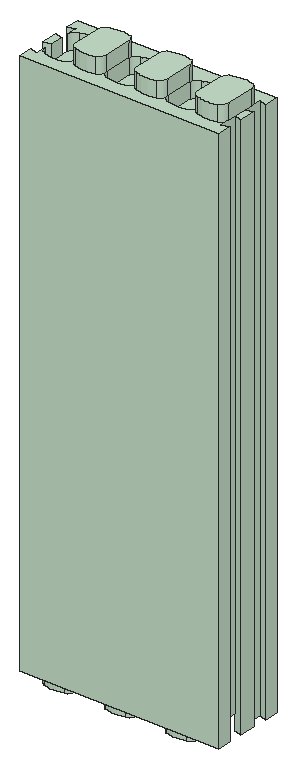
Revit family
Parameters (values of type "6-inch End Cap")
  URL = "www.nudura.com"
  Model = "6-inch End Cap"
  Manufacturer = "NUDURA Corporation"
Reference planes (in)
  plane 1 "Center (Front/Back)": y = 0
  plane 2: z = 0
  plane 3 "Center (Left/Right)": x = 0
  plane 4: x = 6.5
  plane 5: y = 2.375
  plane 6: z = 18
Forms (in)
  Extrusion 1, solid, material "EPS- NUDURA- Foam Panel"
    sketch origin (0, 0, 0) x (1, 0, 0) y (0, 1, 0)
      loop
        line (0, 0) -> (6.5, 0) -> (6.5, 0.44867) -> (6.25, 0.38168) -> (6.25, 0.98867) -> (6.5, 0.92633) -> (6.5, 1.44867) -> (6.25, 1.38168) -> (6.25, 1.98867) -> (6.5, 1.92633) -> (6.5, 2.375) -> (0, 2.375) -> (0, 1.92633) -> (0.25, 1.99332) -> (0.25, 1.38633) -> (0, 1.44867) -> (0, 0.92633) -> (0.25, 0.99332) -> (0.25, 0.38633) -> (0, 0.44867) -> (0, 0)
    from 0 to 18
  Extrusion 2, void
    sketch origin (-0.01563, 0, 0) x (1, 0, 0) y (0, 1, 0)
      loop
        arc (2.98523, 1.98842) -> (2.96388, 1.94159) -> (2.91453, 1.92701) r 0.06202
        arc (2.91453, 1.92701) -> (2.67428, 1.93357) -> (2.4387, 1.88595) r 1.0625
        arc (2.4387, 1.88595) -> (2.31347, 1.79517) -> (2.26563, 1.64808) r 0.25
        line (2.26563, 1.64808) -> (2.26563, 0.72692)
        arc (2.26563, 0.72692) -> (2.31347, 0.57983) -> (2.4387, 0.48905) r 0.25
        arc (2.4387, 0.48905) -> (2.76563, 0.4375) -> (3.09255, 0.48905) r 1.0625
        arc (3.09255, 0.48905) -> (3.21778, 0.57983) -> (3.26563, 0.72692) r 0.25
        line (3.26563, 0.72692) -> (3.26563, 1.64808)
        arc (3.26563, 1.64808) -> (3.25199, 1.72953) -> (3.21256, 1.80209) r 0.25
        arc (3.21256, 1.80209) -> (3.20278, 1.82009) -> (3.19939, 1.84029) r 0.06202
        line (3.19939, 1.84029) -> (3.19939, 2.21033) -> (2.98523, 2.21033) -> (2.98523, 1.98842)
    from 18 to 17.5
  Extrusion 3, void
    sketch origin (1.98437, 0, 0) x (1, 0, 0) y (0, 1, 0)
      loop
        arc (2.98523, 1.98842) -> (2.96388, 1.94159) -> (2.91453, 1.92701) r 0.06202
        arc (2.91453, 1.92701) -> (2.67428, 1.93357) -> (2.4387, 1.88595) r 1.0625
        arc (2.4387, 1.88595) -> (2.31347, 1.79517) -> (2.26563, 1.64808) r 0.25
        line (2.26563, 1.64808) -> (2.26563, 0.72692)
        arc (2.26563, 0.72692) -> (2.31347, 0.57983) -> (2.4387, 0.48905) r 0.25
        arc (2.4387, 0.48905) -> (2.76563, 0.4375) -> (3.09255, 0.48905) r 1.0625
        arc (3.09255, 0.48905) -> (3.21778, 0.57983) -> (3.26563, 0.72692) r 0.25
        line (3.26563, 0.72692) -> (3.26563, 1.64808)
        arc (3.26563, 1.64808) -> (3.25199, 1.72953) -> (3.21256, 1.80209) r 0.25
        arc (3.21256, 1.80209) -> (3.20278, 1.82009) -> (3.19939, 1.84029) r 0.06202
        line (3.19939, 1.84029) -> (3.19939, 2.21033) -> (2.98523, 2.21033) -> (2.98523, 1.98842)
    from 18 to 17.5
  Extrusion 4, void
    sketch origin (-2.01563, 0, 0) x (1, 0, 0) y (0, 1, 0)
      loop
        arc (2.98523, 1.98842) -> (2.96388, 1.94159) -> (2.91453, 1.92701) r 0.06202
        arc (2.91453, 1.92701) -> (2.67428, 1.93357) -> (2.4387, 1.88595) r 1.0625
        arc (2.4387, 1.88595) -> (2.31347, 1.79517) -> (2.26563, 1.64808) r 0.25
        line (2.26563, 1.64808) -> (2.26563, 0.72692)
        arc (2.26563, 0.72692) -> (2.31347, 0.57983) -> (2.4387, 0.48905) r 0.25
        arc (2.4387, 0.48905) -> (2.76563, 0.4375) -> (3.09255, 0.48905) r 1.0625
        arc (3.09255, 0.48905) -> (3.21778, 0.57983) -> (3.26563, 0.72692) r 0.25
        line (3.26563, 0.72692) -> (3.26563, 1.64808)
        arc (3.26563, 1.64808) -> (3.25199, 1.72953) -> (3.21256, 1.80209) r 0.25
        arc (3.21256, 1.80209) -> (3.20278, 1.82009) -> (3.19939, 1.84029) r 0.06202
        line (3.19939, 1.84029) -> (3.19939, 2.21033) -> (2.98523, 2.21033) -> (2.98523, 1.98842)
    from 18 to 17.5
  Extrusion 5, void
    sketch origin (0, 0, 0) x (1, 0, 0) y (0, 1, 0)
      loop
        line (5.53039, 1.98842) -> (5.53039, 2.21033) -> (5.31623, 2.21033) -> (5.31623, 1.84029)
        arc (5.31623, 1.84029) -> (5.31285, 1.82009) -> (5.30307, 1.80209) r 0.06202
        arc (5.30307, 1.80209) -> (5.26364, 1.72953) -> (5.25, 1.64808) r 0.25
        line (5.25, 1.64808) -> (5.25, 0.72692)
        arc (5.25, 0.72692) -> (5.29785, 0.57983) -> (5.42308, 0.48905) r 0.25
        arc (5.42308, 0.48905) -> (5.75, 0.4375) -> (6.07692, 0.48905) r 1.0625
        arc (6.07692, 0.48905) -> (6.20215, 0.57983) -> (6.25, 0.72692) r 0.25
        line (6.25, 0.72692) -> (6.25, 1.64808)
        arc (6.25, 1.64808) -> (6.20215, 1.79517) -> (6.07692, 1.88595) r 0.25
        arc (6.07692, 1.88595) -> (5.84135, 1.93357) -> (5.6011, 1.92701) r 1.0625
        arc (5.6011, 1.92701) -> (5.55174, 1.94159) -> (5.53039, 1.98842) r 0.06202
      loop
        line (3.53039, 1.98842) -> (3.53039, 2.21033) -> (3.31623, 2.21033) -> (3.31623, 1.84029)
        arc (3.31623, 1.84029) -> (3.31285, 1.82009) -> (3.30307, 1.80209) r 0.06202
        arc (3.30307, 1.80209) -> (3.26364, 1.72953) -> (3.25, 1.64808) r 0.25
        line (3.25, 1.64808) -> (3.25, 0.72692)
        arc (3.25, 0.72692) -> (3.29785, 0.57983) -> (3.42308, 0.48905) r 0.25
        arc (3.42308, 0.48905) -> (3.75, 0.4375) -> (4.07692, 0.48905) r 1.0625
        arc (4.07692, 0.48905) -> (4.20215, 0.57983) -> (4.25, 0.72692) r 0.25
        line (4.25, 0.72692) -> (4.25, 1.64808)
        arc (4.25, 1.64808) -> (4.20215, 1.79517) -> (4.07692, 1.88595) r 0.25
        arc (4.07692, 1.88595) -> (3.84135, 1.93357) -> (3.6011, 1.92701) r 1.0625
        arc (3.6011, 1.92701) -> (3.55174, 1.94159) -> (3.53039, 1.98842) r 0.06202
      loop
        line (1.53039, 1.98842) -> (1.53039, 2.21033) -> (1.31623, 2.21033) -> (1.31623, 1.84029)
        arc (1.31623, 1.84029) -> (1.31285, 1.82009) -> (1.30307, 1.80209) r 0.06202
        arc (1.30307, 1.80209) -> (1.26364, 1.72953) -> (1.25, 1.64808) r 0.25
        line (1.25, 1.64808) -> (1.25, 0.72692)
        arc (1.25, 0.72692) -> (1.29785, 0.57983) -> (1.42308, 0.48905) r 0.25
        arc (1.42308, 0.48905) -> (1.75, 0.4375) -> (2.07692, 0.48905) r 1.0625
        arc (2.07692, 0.48905) -> (2.20215, 0.57983) -> (2.25, 0.72692) r 0.25
        line (2.25, 0.72692) -> (2.25, 1.64808)
        arc (2.25, 1.64808) -> (2.20215, 1.79517) -> (2.07692, 1.88595) r 0.25
        arc (2.07692, 1.88595) -> (1.84135, 1.93357) -> (1.6011, 1.92701) r 1.0625
        arc (1.6011, 1.92701) -> (1.55174, 1.94159) -> (1.53039, 1.98842) r 0.06202
    from 0 to 0.5
Cuts and joins
  Extrusion 2, Extrusion 3, Extrusion 4, Extrusion 5 cuts Extrusion 1
Dimensions and locks (in)
  locked: plane 6 to plane 2 at 18
  locked: plane 4 to plane 3 "Center (Left/Right)" at 6.5
  aligned and locked: nested 8 to cut or joined group of Extrusion 1, Extrusion 2, Extrusion 3, Extrusion 4, Extrusion 5
Nested families (in)
  nested 1: "Capture Lugs" at (3.25, 5.625, 0), type "Capture Lugs"
  nested 2: "Interlock Tooth" at (1.25, 5.625, 0), type "Interlock Tooth"
  nested 3: "Interlock Tooth" at (3.25, 5.625, 0), type "Interlock Tooth"
  nested 4: "Interlock Tooth" at (5.25, 5.625, 0), type "Interlock Tooth"
  nested 5: "Interlock Tooth" at (4.25, 5.625, -18.5), type "Interlock Tooth"
  nested 6: "Interlock Tooth" at (2.25, 5.625, -18.5), type "Interlock Tooth"
  nested 7: "Interlock Tooth" at (0.25, 5.625, -18.5), type "Interlock Tooth"
  nested 8: "NUDURA Logo Diamond without Outside Line" at (-8.74744, 0, 0), type "NUDURA Logo Diamond without Outside Line"
Definition of nested family "Capture Lugs"
  Reference planes (in)
    plane 1 "Center (Front/Back)": y = 0
    plane 2: z = 0
    plane 3 "Center (Left/Right)": x = 0
  Forms (in)
    Extrusion 1, solid, material "High Density Polystyrene- NUDURA"
      sketch origin (0, 0, 0) x (0, 1, 0) y (0, 0, 1)
        loop
          arc (-3.25, 0) -> (-3.22112, 0.01975) -> (-3.21, 0.05292) r 0.055
          line (-3.21, 0.05292) -> (-3.21, 17.69292)
          arc (-3.21, 17.69292) -> (-3.22112, 17.72608) -> (-3.25, 17.74583) r 0.055
          line (-3.25, 17.74583) -> (-3.25, 0)
      from 0.36328 to -0.36328
    Extrusion 2, solid, material "High Density Polystyrene- NUDURA"
      sketch origin (0, 0, 0) x (0, 1, 0) y (0, 0, 1)
        loop
          line (-3.21, 16.17792) -> (-3.21, 14.97792) -> (-2.71, 14.97792) -> (-2.71, 16.17792) -> (-3.21, 16.17792)
        loop
          line (-3.21, 14.22792) -> (-3.21, 13.02792) -> (-2.71, 13.02792) -> (-2.71, 14.22792) -> (-3.21, 14.22792)
        loop
          line (-3.21, 12.27792) -> (-3.21, 11.07792) -> (-2.71, 11.07792) -> (-2.71, 12.27792) -> (-3.21, 12.27792)
        loop
          line (-3.21, 10.32792) -> (-3.21, 9.24792) -> (-2.71, 9.24792) -> (-2.71, 10.32792) -> (-3.21, 10.32792)
        loop
          line (-3.21, 8.49792) -> (-3.21, 7.41792) -> (-2.71, 7.41792) -> (-2.71, 8.49792) -> (-3.21, 8.49792)
        loop
          line (-3.21, 6.66792) -> (-3.21, 5.46792) -> (-2.71, 5.46792) -> (-2.71, 6.66792) -> (-3.21, 6.66792)
        loop
          line (-3.21, 4.71792) -> (-3.21, 3.51792) -> (-2.71, 3.51792) -> (-2.71, 4.71792) -> (-3.21, 4.71792)
        loop
          line (-3.21, 2.76792) -> (-3.21, 1.56792) -> (-2.71, 1.56792) -> (-2.71, 2.76792) -> (-3.21, 2.76792)
      from 0.25 to -0.25
    Extrusion 3, void
      sketch origin (0, 0, 0) x (1, 0, 0) y (0, 1, 0)
        loop
          arc (-0.25, -2.79249) -> (-0.22584, -2.73416) -> (-0.1675, -2.71) r 0.0825
          line (-0.1675, -2.71) -> (-0.25, -2.71) -> (-0.25, -2.79249)
      from 0 to 18
    Extrusion 4, void
      sketch origin (0, 0, 0) x (-1, 0, 0) y (0, -1, 0)
        loop
          line (-0.25, 2.79249) -> (-0.25, 2.71) -> (-0.1675, 2.71)
          arc (-0.1675, 2.71) -> (-0.22584, 2.73416) -> (-0.25, 2.79249) r 0.0825
      from 0 to 18
    Extrusion 5, void
      sketch origin (0, 0, 0) x (1, 0, 0) y (0, 1, 0)
        loop
          arc (-0.04687, -2.835) -> (0, -3.07587) -> (0.04688, -2.835) r 0.125
          line (0.04688, -2.835) -> (0.04688, -2.71) -> (-0.04687, -2.71) -> (-0.04687, -2.835)
      from 0 to 18
  Cuts and joins
    Extrusion 3, Extrusion 4 cuts Extrusion 1
    Extrusion 3, Extrusion 4, Extrusion 5 cuts Extrusion 2
Definition of nested family "Interlock Tooth"
  Reference planes (in)
    plane 1 "Center (Front/Back)": y = 0
    plane 2: z = 0
    plane 3 "Center (Left/Right)": x = 0
    plane 4: z = 18
    plane 5: z = 18.5
    plane 6: z = -0.5
  Forms (in)
    Extrusion 1, solid, material "EPS- NUDURA- Foam Panel"
      sketch origin (0, -8.875, 0) x (1, 0, 0) y (0, 1, 0)
        loop
          arc (0, 3.97692) -> (0.04785, 3.82983) -> (0.17308, 3.73905) r 0.25
          arc (0.17308, 3.73905) -> (0.5, 3.6875) -> (0.82692, 3.73905) r 1.0625
          arc (0.82692, 3.73905) -> (0.95215, 3.82983) -> (1, 3.97692) r 0.25
          line (1, 3.97692) -> (1, 4.89808)
          arc (1, 4.89808) -> (0.95215, 5.04517) -> (0.82692, 5.13595) r 0.25
          arc (0.82692, 5.13595) -> (0.5, 5.1875) -> (0.17308, 5.13595) r 1.0625
          arc (0.17308, 5.13595) -> (0.04785, 5.04517) -> (0, 4.89808) r 0.25
          line (0, 4.89808) -> (0, 3.97692)
      from 18 to 18.5
  Dimensions and locks (in)
    locked: plane 4 to level at 18
    locked: plane 4 to plane 5 at 0.5
    locked: plane 6 to level at 0.5
Definition of nested family "NUDURA Logo Diamond without Outside Line"
  Reference planes (in)
    plane 1 "Center (Front/Back)": y = 0
    plane 2: z = 0
    plane 3 "Center (Left/Right)": x = 0
  Lines and regions (in)
    model lines
      curve 1: line (12.59848, 0, 17.50104) -> (12.24492, 0, 17.85459)
      curve 2: line (12.36113, 0, 16.76872) -> (12.59848, 0, 17.00607)
      curve 3: line (12.59848, 0, 16.00104) -> (12.36113, 0, 16.23839)
      curve 4: line (12.36113, 0, 15.26872) -> (12.59848, 0, 15.50607)
      curve 5: line (12.59848, 0, 14.50104) -> (12.36113, 0, 14.73839)
      curve 6: line (12.36113, 0, 13.76872) -> (12.59848, 0, 14.00607)
      curve 7: line (12.17421, 0, 13.28388) -> (12.71208, 0, 12.74602)
      curve 8: line (12.71208, 0, 12.74602) -> (12.78279, 0, 12.81673)
      curve 9: line (11.28279, 0, 12.74602) -> (11.82066, 0, 13.28388)
      curve 10: line (11.63374, 0, 13.23839) -> (11.21208, 0, 12.81673)
      curve 11: line (11.3964, 0, 14.00607) -> (11.63374, 0, 13.76872)
      curve 12: line (11.63374, 0, 14.73839) -> (11.3964, 0, 14.50104)
      curve 13: line (11.3964, 0, 15.50607) -> (11.63374, 0, 15.26872)
      curve 14: line (11.63374, 0, 16.23839) -> (11.3964, 0, 16.00104)
      curve 15: line (11.3964, 0, 17.00607) -> (11.63374, 0, 16.76872)
      curve 16: line (11.74995, 0, 17.85459) -> (11.3964, 0, 17.50104)
      curve 17: line (11.82066, 0, 17.78388) -> (11.46711, 0, 17.43033)
      curve 18: line (12.52777, 0, 17.43033) -> (12.17421, 0, 17.78388)
      curve 19: line (12.17421, 0, 16.72322) -> (12.52777, 0, 17.07678)
      curve 20: line (11.46711, 0, 17.07678) -> (11.82066, 0, 16.72322)
      curve 21: arc (11.3964, 0, 17.50104) -> (11.29388, 0, 17.25355) -> (11.3964, 0, 17.00607) r 0.35
      curve 22: arc (11.74995, 0, 17.85459) -> (11.99744, 0, 17.95711) -> (12.24492, 0, 17.85459) r 0.35
      curve 23: arc (11.46711, 0, 17.43033) -> (11.39388, 0, 17.25355) -> (11.46711, 0, 17.07678) r 0.25
      curve 24: arc (12.52777, 0, 17.43033) -> (12.60099, 0, 17.25355) -> (12.52777, 0, 17.07678) r 0.25
      curve 25: arc (12.17421, 0, 16.72322) -> (11.99744, 0, 16.65) -> (11.82066, 0, 16.72322) r 0.25
      curve 26: arc (11.82066, 0, 17.78388) -> (11.99744, 0, 17.85711) -> (12.17421, 0, 17.78388) r 0.25
      curve 27: arc (12.59848, 0, 17.50104) -> (12.70099, 0, 17.25355) -> (12.59848, 0, 17.00607) r 0.35
      curve 28: arc (11.63374, 0, 16.76872) -> (11.74358, 0, 16.50355) -> (11.63374, 0, 16.23839) r 0.375
      curve 29: arc (12.36113, 0, 16.76872) -> (12.2513, 0, 16.50355) -> (12.36113, 0, 16.23839) r 0.375
      curve 30: line (12.36113, 0, 15.26872) -> (12.59848, 0, 15.50607)
      curve 31: line (11.3964, 0, 15.50607) -> (11.63374, 0, 15.26872)
      curve 32: line (11.82066, 0, 16.28388) -> (11.46711, 0, 15.93033)
      curve 33: line (12.52777, 0, 15.93033) -> (12.17421, 0, 16.28388)
      curve 34: line (12.17421, 0, 15.22322) -> (12.52777, 0, 15.57678)
      curve 35: line (11.46711, 0, 15.57678) -> (11.82066, 0, 15.22322)
      curve 36: arc (11.3964, 0, 16.00104) -> (11.29388, 0, 15.75355) -> (11.3964, 0, 15.50607) r 0.35
      curve 37: arc (11.46711, 0, 15.93033) -> (11.39388, 0, 15.75355) -> (11.46711, 0, 15.57678) r 0.25
      curve 38: arc (12.52777, 0, 15.93033) -> (12.60099, 0, 15.75355) -> (12.52777, 0, 15.57678) r 0.25
      curve 39: arc (12.17421, 0, 15.22322) -> (11.99744, 0, 15.15) -> (11.82066, 0, 15.22322) r 0.25
      curve 40: arc (11.82066, 0, 16.28388) -> (11.99744, 0, 16.35711) -> (12.17421, 0, 16.28388) r 0.25
      curve 41: arc (12.59848, 0, 16.00104) -> (12.70099, 0, 15.75355) -> (12.59848, 0, 15.50607) r 0.35
      curve 42: line (11.63374, 0, 16.23839) -> (11.3964, 0, 16.00104)
      curve 43: line (12.59848, 0, 16.00104) -> (12.36113, 0, 16.23839)
      curve 44: arc (11.63374, 0, 15.26872) -> (11.74358, 0, 15.00355) -> (11.63374, 0, 14.73839) r 0.375
      curve 45: arc (12.36113, 0, 15.26872) -> (12.2513, 0, 15.00355) -> (12.36113, 0, 14.73839) r 0.375
      curve 46: line (12.36113, 0, 13.76872) -> (12.59848, 0, 14.00607)
      curve 47: line (11.3964, 0, 14.00607) -> (11.63374, 0, 13.76872)
      curve 48: line (11.82066, 0, 14.78388) -> (11.46711, 0, 14.43033)
      curve 49: line (12.52777, 0, 14.43033) -> (12.17421, 0, 14.78388)
      curve 50: line (12.17421, 0, 13.72322) -> (12.52777, 0, 14.07678)
      curve 51: line (11.46711, 0, 14.07678) -> (11.82066, 0, 13.72322)
      curve 52: arc (11.3964, 0, 14.50104) -> (11.29388, 0, 14.25355) -> (11.3964, 0, 14.00607) r 0.35
      curve 53: arc (11.46711, 0, 14.43033) -> (11.39388, 0, 14.25355) -> (11.46711, 0, 14.07678) r 0.25
      curve 54: arc (12.52777, 0, 14.43033) -> (12.60099, 0, 14.25355) -> (12.52777, 0, 14.07678) r 0.25
      curve 55: arc (12.17421, 0, 13.72322) -> (11.99744, 0, 13.65) -> (11.82066, 0, 13.72322) r 0.25
      curve 56: arc (11.82066, 0, 14.78388) -> (11.99744, 0, 14.85711) -> (12.17421, 0, 14.78388) r 0.25
      curve 57: arc (12.59848, 0, 14.50104) -> (12.70099, 0, 14.25355) -> (12.59848, 0, 14.00607) r 0.35
      curve 58: line (11.63374, 0, 14.73839) -> (11.3964, 0, 14.50104)
      curve 59: arc (11.63374, 0, 13.76872) -> (11.74358, 0, 13.50355) -> (11.63374, 0, 13.23839) r 0.375
      curve 60: arc (12.36113, 0, 13.76872) -> (12.2513, 0, 13.50355) -> (12.36113, 0, 13.23839) r 0.375
      curve 61: line (12.78279, 0, 12.81673) -> (12.36113, 0, 13.23839)
      curve 62: line (11.21208, 0, 12.81673) -> (11.28279, 0, 12.74602)
      curve 63: arc (11.82066, 0, 13.28388) -> (11.99744, 0, 13.35711) -> (12.17421, 0, 13.28388) r 0.25
      curve 64: line (12.59848, 0, 0.50607) -> (12.24492, 0, 0.15251)
      curve 65: line (12.36113, 0, 1.23839) -> (12.59848, 0, 1.00104)
      curve 66: line (12.59848, 0, 2.00607) -> (12.36113, 0, 1.76872)
      curve 67: line (12.36113, 0, 2.73839) -> (12.59848, 0, 2.50104)
      curve 68: line (12.59848, 0, 3.50607) -> (12.36113, 0, 3.26872)
      curve 69: line (12.36113, 0, 4.23839) -> (12.59848, 0, 4.00104)
      curve 70: line (12.17421, 0, 4.72322) -> (12.71208, 0, 5.26109)
      curve 71: line (12.71208, 0, 5.26109) -> (12.78279, 0, 5.19038)
      curve 72: line (11.28279, 0, 5.26109) -> (11.82066, 0, 4.72322)
      curve 73: line (11.63374, 0, 4.76872) -> (11.21208, 0, 5.19038)
      curve 74: line (11.3964, 0, 4.00104) -> (11.63374, 0, 4.23839)
      curve 75: line (11.63374, 0, 3.26872) -> (11.3964, 0, 3.50607)
      curve 76: line (11.3964, 0, 2.50104) -> (11.63374, 0, 2.73839)
      curve 77: line (11.63374, 0, 1.76872) -> (11.3964, 0, 2.00607)
      curve 78: line (11.3964, 0, 1.00104) -> (11.63374, 0, 1.23839)
      curve 79: line (11.74995, 0, 0.15251) -> (11.3964, 0, 0.50607)
      curve 80: line (11.82066, 0, 0.22322) -> (11.46711, 0, 0.57678)
      curve 81: line (12.52777, 0, 0.57678) -> (12.17421, 0, 0.22322)
      curve 82: line (12.17421, 0, 1.28388) -> (12.52777, 0, 0.93033)
      curve 83: line (11.46711, 0, 0.93033) -> (11.82066, 0, 1.28388)
      curve 84: arc (11.3964, 0, 0.50607) -> (11.29388, 0, 0.75355) -> (11.3964, 0, 1.00104) r 0.35
      curve 85: arc (11.74995, 0, 0.15251) -> (11.99744, 0, 0.05) -> (12.24492, 0, 0.15251) r 0.35
      curve 86: arc (11.46711, 0, 0.57678) -> (11.39388, 0, 0.75355) -> (11.46711, 0, 0.93033) r 0.25
      curve 87: arc (12.52777, 0, 0.57678) -> (12.60099, 0, 0.75355) -> (12.52777, 0, 0.93033) r 0.25
      curve 88: arc (12.17421, 0, 1.28388) -> (11.99744, 0, 1.35711) -> (11.82066, 0, 1.28388) r 0.25
      curve 89: arc (11.82066, 0, 0.22322) -> (11.99744, 0, 0.15) -> (12.17421, 0, 0.22322) r 0.25
      curve 90: arc (12.59848, 0, 0.50607) -> (12.70099, 0, 0.75355) -> (12.59848, 0, 1.00104) r 0.35
      curve 91: arc (11.63374, 0, 1.23839) -> (11.74358, 0, 1.50355) -> (11.63374, 0, 1.76872) r 0.375
      curve 92: arc (12.36113, 0, 1.23839) -> (12.2513, 0, 1.50355) -> (12.36113, 0, 1.76872) r 0.375
      curve 93: line (12.36113, 0, 2.73839) -> (12.59848, 0, 2.50104)
      curve 94: line (11.3964, 0, 2.50104) -> (11.63374, 0, 2.73839)
      curve 95: line (11.82066, 0, 1.72322) -> (11.46711, 0, 2.07678)
      curve 96: line (12.52777, 0, 2.07678) -> (12.17421, 0, 1.72322)
      curve 97: line (12.17421, 0, 2.78388) -> (12.52777, 0, 2.43033)
      curve 98: line (11.46711, 0, 2.43033) -> (11.82066, 0, 2.78388)
      curve 99: arc (11.3964, 0, 2.00607) -> (11.29388, 0, 2.25355) -> (11.3964, 0, 2.50104) r 0.35
      curve 100: arc (11.46711, 0, 2.07678) -> (11.39388, 0, 2.25355) -> (11.46711, 0, 2.43033) r 0.25
      curve 101: arc (12.52777, 0, 2.07678) -> (12.60099, 0, 2.25355) -> (12.52777, 0, 2.43033) r 0.25
      curve 102: arc (12.17421, 0, 2.78388) -> (11.99744, 0, 2.85711) -> (11.82066, 0, 2.78388) r 0.25
      curve 103: arc (11.82066, 0, 1.72322) -> (11.99744, 0, 1.65) -> (12.17421, 0, 1.72322) r 0.25
      curve 104: arc (12.59848, 0, 2.00607) -> (12.70099, 0, 2.25355) -> (12.59848, 0, 2.50104) r 0.35
      curve 105: line (11.63374, 0, 1.76872) -> (11.3964, 0, 2.00607)
      curve 106: line (12.59848, 0, 2.00607) -> (12.36113, 0, 1.76872)
      curve 107: arc (11.63374, 0, 2.73839) -> (11.74358, 0, 3.00355) -> (11.63374, 0, 3.26872) r 0.375
      curve 108: arc (12.36113, 0, 2.73839) -> (12.2513, 0, 3.00355) -> (12.36113, 0, 3.26872) r 0.375
      curve 109: line (12.36113, 0, 4.23839) -> (12.59848, 0, 4.00104)
      curve 110: line (11.3964, 0, 4.00104) -> (11.63374, 0, 4.23839)
      curve 111: line (11.82066, 0, 3.22322) -> (11.46711, 0, 3.57678)
      curve 112: line (12.52777, 0, 3.57678) -> (12.17421, 0, 3.22322)
      curve 113: line (12.17421, 0, 4.28388) -> (12.52777, 0, 3.93033)
      curve 114: line (11.46711, 0, 3.93033) -> (11.82066, 0, 4.28388)
      curve 115: arc (11.3964, 0, 3.50607) -> (11.29388, 0, 3.75355) -> (11.3964, 0, 4.00104) r 0.35
      curve 116: arc (11.46711, 0, 3.57678) -> (11.39388, 0, 3.75355) -> (11.46711, 0, 3.93033) r 0.25
      curve 117: arc (12.52777, 0, 3.57678) -> (12.60099, 0, 3.75355) -> (12.52777, 0, 3.93033) r 0.25
      curve 118: arc (12.17421, 0, 4.28388) -> (11.99744, 0, 4.35711) -> (11.82066, 0, 4.28388) r 0.25
      curve 119: arc (11.82066, 0, 3.22322) -> (11.99744, 0, 3.15) -> (12.17421, 0, 3.22322) r 0.25
      curve 120: arc (12.59848, 0, 3.50607) -> (12.70099, 0, 3.75355) -> (12.59848, 0, 4.00104) r 0.35
      curve 121: line (11.63374, 0, 3.26872) -> (11.3964, 0, 3.50607)
      curve 122: arc (11.63374, 0, 4.23839) -> (11.74358, 0, 4.50355) -> (11.63374, 0, 4.76872) r 0.375
      curve 123: arc (12.36113, 0, 4.23839) -> (12.2513, 0, 4.50355) -> (12.36113, 0, 4.76872) r 0.375
      curve 124: line (12.78279, 0, 5.19038) -> (12.36113, 0, 4.76872)
      curve 125: line (11.21208, 0, 5.19038) -> (11.28279, 0, 5.26109)
      curve 126: arc (11.82066, 0, 4.72322) -> (11.99744, 0, 4.65) -> (12.17421, 0, 4.72322) r 0.25
      curve 127: line (12.37244, 0, 12.50355) -> (11.62244, 0, 12.50355)
      curve 128: line (12.74744, 0, 5.87855) -> (12.74744, 0, 12.12855)
      curve 129: line (11.24744, 0, 12.12855) -> (11.24744, 0, 5.87855)
      curve 130: line (11.62244, 0, 5.50355) -> (12.37244, 0, 5.50355)
      curve 131: line (12.47232, 0, 12.00355) -> (12.0393, 0, 12.25355)
      curve 132: line (12.47232, 0, 11.50355) -> (12.47232, 0, 12.00355)
      curve 133: line (12.25581, 0, 11.37855) -> (12.47232, 0, 11.50355)
      curve 134: line (12.02256, 0, 11.51322) -> (12.25581, 0, 11.37855)
      curve 135: line (12.22232, 0, 11.62855) -> (12.02256, 0, 11.51322)
      curve 136: line (11.80605, 0, 12.11888) -> (12.22232, 0, 11.87855)
      curve 137: line (12.22232, 0, 11.87855) -> (12.22232, 0, 11.62855)
      curve 138: line (12.0393, 0, 12.25355) -> (11.80605, 0, 12.11888)
      curve 139: line (11.77256, 0, 11.63822) -> (11.97232, 0, 11.75355)
      curve 140: line (11.97232, 0, 11.75355) -> (11.73906, 0, 11.88822)
      curve 141: line (11.73906, 0, 11.88822) -> (11.52256, 0, 11.76322)
      curve 142: line (11.52256, 0, 11.76322) -> (11.52256, 0, 11.26322)
      curve 143: line (11.77256, 0, 11.38822) -> (11.77256, 0, 11.63822)
      curve 144: line (12.18882, 0, 11.14789) -> (11.77256, 0, 11.38822)
      curve 145: line (11.95557, 0, 11.01322) -> (12.18882, 0, 11.14789)
      curve 146: line (11.52256, 0, 11.26322) -> (11.95557, 0, 11.01322)
      curve 147: line (12.31108, 0, 10.60411) -> (11.68379, 0, 10.74458)
      curve 148: line (11.68379, 0, 10.74458) -> (11.68379, 0, 10.51321)
      curve 149: line (11.68379, 0, 10.51321) -> (12.1295, 0, 10.41405)
      curve 150: line (12.1295, 0, 10.41405) -> (11.68379, 0, 10.27358)
      curve 151: line (11.68379, 0, 10.27358) -> (11.68379, 0, 9.8852)
      curve 152: line (11.68379, 0, 9.8852) -> (12.17077, 0, 9.77615)
      curve 153: line (12.17077, 0, 9.77615) -> (12.17077, 0, 9.74472)
      curve 154: line (12.17077, 0, 9.74472) -> (11.86146, 0, 9.80279)
      curve 155: line (11.68379, 0, 9.65536) -> (11.68379, 0, 9.35864)
      curve 156: line (12.07077, 0, 8.74385) -> (12.07077, 0, 8.99996)
      curve 157: line (12.07077, 0, 8.99996) -> (11.68379, 0, 9.08605)
      curve 158: line (11.68379, 0, 9.08605) -> (11.68379, 0, 8.47809)
      curve 159: line (11.91823, 0, 9.06589) -> (12.31108, 0, 8.97792)
      curve 160: line (11.82444, 0, 8.55476) -> (11.82444, 0, 8.79865)
      curve 161: line (11.82444, 0, 8.79865) -> (12.07077, 0, 8.74385)
      curve 162: line (11.68379, 0, 8.07193) -> (11.68379, 0, 7.77522)
      curve 163: line (11.91823, 0, 7.48247) -> (12.21108, 0, 7.41688)
      curve 164: line (12.21108, 0, 7.41688) -> (12.21108, 0, 6.95405)
      curve 165: line (12.16108, 0, 6.90405) -> (12.12077, 0, 6.90405)
      curve 166: line (12.07077, 0, 6.95405) -> (12.07077, 0, 7.08675)
      curve 167: line (12.07077, 0, 7.08675) -> (12.12077, 0, 7.07556)
      curve 168: line (12.12077, 0, 7.07556) -> (12.12077, 0, 7.33463)
      curve 169: line (12.12077, 0, 7.33463) -> (11.68379, 0, 7.43249)
      curve 170: line (11.68379, 0, 7.43249) -> (11.68379, 0, 7.17341)
      curve 171: line (11.68379, 0, 7.17341) -> (11.97077, 0, 7.10915)
      curve 172: line (11.97077, 0, 7.10915) -> (11.97077, 0, 6.99425)
      curve 173: line (11.92077, 0, 6.94425) -> (11.68379, 0, 6.94425)
      curve 174: line (11.68379, 0, 6.94425) -> (11.68379, 0, 6.45682)
      curve 175: line (11.68379, 0, 6.45682) -> (11.78284, 0, 6.38658)
      curve 176: line (11.78284, 0, 6.38658) -> (11.78284, 0, 6.05178)
      curve 177: line (12.12371, 0, 6.14486) -> (11.88284, 0, 6.31567)
      curve 178: line (11.88284, 0, 6.31567) -> (11.88284, 0, 6.07909)
      curve 179: line (11.88284, 0, 6.07909) -> (12.12371, 0, 6.14486)
      curve 180: line (11.78284, 0, 6.05178) -> (11.68379, 0, 6.02474)
      curve 181: line (11.68379, 0, 6.02474) -> (11.68379, 0, 5.75355)
      curve 182: line (11.68379, 0, 5.75355) -> (12.31108, 0, 5.92483)
      curve 183: line (12.31108, 0, 5.92483) -> (12.31108, 0, 6.28791)
      curve 184: line (12.31108, 0, 6.28791) -> (11.76249, 0, 6.67694)
      curve 185: line (11.76249, 0, 6.67694) -> (11.90321, 0, 6.67694)
      curve 186: line (12.31108, 0, 6.78674) -> (12.31108, 0, 7.63562)
      curve 187: line (12.31108, 0, 7.63562) -> (11.90258, 0, 7.7271)
      curve 188: line (11.82444, 0, 7.82469) -> (11.82444, 0, 7.92839)
      curve 189: line (11.88536, 0, 7.97718) -> (12.31108, 0, 7.88185)
      curve 190: line (12.31108, 0, 7.88185) -> (12.31108, 0, 8.13496)
      curve 191: line (12.31108, 0, 8.13496) -> (12.08042, 0, 8.17826)
      curve 192: line (12.31108, 0, 8.38353) -> (12.31108, 0, 8.9465)
      curve 193: line (12.31108, 0, 8.9465) -> (12.17077, 0, 8.97771)
      curve 194: line (12.17077, 0, 8.97771) -> (12.17077, 0, 8.55476)
      curve 195: line (12.31108, 0, 8.97792) -> (12.31108, 0, 9.21905)
      curve 196: line (12.31108, 0, 9.21905) -> (11.90258, 0, 9.31053)
      curve 197: line (11.82444, 0, 9.40811) -> (11.82444, 0, 9.51182)
      curve 198: line (11.87938, 0, 9.56195) -> (12.31108, 0, 9.46528)
      curve 199: line (12.31108, 0, 9.46528) -> (12.31108, 0, 9.98469)
      curve 200: line (12.31108, 0, 9.98469) -> (11.90664, 0, 10.07526)
      curve 201: line (11.90664, 0, 10.07526) -> (12.31108, 0, 10.20747)
      curve 202: line (12.31108, 0, 10.20747) -> (12.31108, 0, 10.60411)
      curve 203: arc (11.68379, 0, 9.65536) -> (11.73801, 0, 9.7708) -> (11.86146, 0, 9.80279) r 0.15
      curve 204: arc (11.68379, 0, 9.35864) -> (11.74962, 0, 9.17112) -> (11.91823, 0, 9.06589) r 0.3
      curve 205: arc (11.84417, 0, 8.22149) -> (11.72718, 0, 8.32679) -> (11.68379, 0, 8.47809) r 0.28547
      curve 206: arc (11.68379, 0, 8.07193) -> (11.73147, 0, 8.18158) -> (11.84417, 0, 8.22149) r 0.14992
      curve 207: arc (11.68379, 0, 7.77522) -> (11.74962, 0, 7.58769) -> (11.91823, 0, 7.48247) r 0.3
      curve 208: arc (11.82444, 0, 7.82469) -> (11.84638, 0, 7.76218) -> (11.90258, 0, 7.7271) r 0.1
      curve 209: arc (11.82444, 0, 7.92839) -> (11.84318, 0, 7.96742) -> (11.88536, 0, 7.97718) r 0.05
      curve 210: arc (12.12077, 0, 6.90405) -> (12.08541, 0, 6.91869) -> (12.07077, 0, 6.95405) r 0.05
      curve 211: arc (12.16108, 0, 6.90405) -> (12.19644, 0, 6.91869) -> (12.21108, 0, 6.95405) r 0.05
      curve 212: arc (11.97077, 0, 6.99425) -> (11.95612, 0, 6.95889) -> (11.92077, 0, 6.94425) r 0.05
      curve 213: arc (11.90321, 0, 6.67694) -> (11.96756, 0, 6.70069) -> (12.00104, 0, 6.76055) r 0.09904
      curve 214: arc (12.00104, 0, 6.76055) -> (12.1681, 0, 6.63117) -> (12.31108, 0, 6.78674) r 0.15613
      curve 215: arc (12.08042, 0, 8.17826) -> (12.24181, 0, 8.22914) -> (12.31108, 0, 8.38353) r 0.20667
      curve 216: arc (11.82444, 0, 8.55476) -> (11.9976, 0, 8.3816) -> (12.17077, 0, 8.55476) r 0.17317
      curve 217: arc (11.82444, 0, 9.40811) -> (11.84638, 0, 9.34561) -> (11.90258, 0, 9.31053) r 0.1
      curve 218: arc (11.82444, 0, 9.51182) -> (11.8459, 0, 9.55306) -> (11.892, 0, 9.55913) r 0.05034
      curve 219: arc (11.24744, 0, 12.12855) -> (11.35727, 0, 12.39372) -> (11.62244, 0, 12.50355) r 0.375
      curve 220: arc (12.37244, 0, 12.50355) -> (12.6376, 0, 12.39372) -> (12.74744, 0, 12.12855) r 0.375
      curve 221: arc (11.24744, 0, 5.87855) -> (11.35727, 0, 5.61339) -> (11.62244, 0, 5.50355) r 0.375
      curve 222: arc (12.37244, 0, 5.50355) -> (12.6376, 0, 5.61339) -> (12.74744, 0, 5.87855) r 0.375
      curve 223: line (9.99744, 0, 18) -> (9.99744, 0, 0)
      curve 224: line (13.99744, 0, 18) -> (13.99744, 0, 0)
